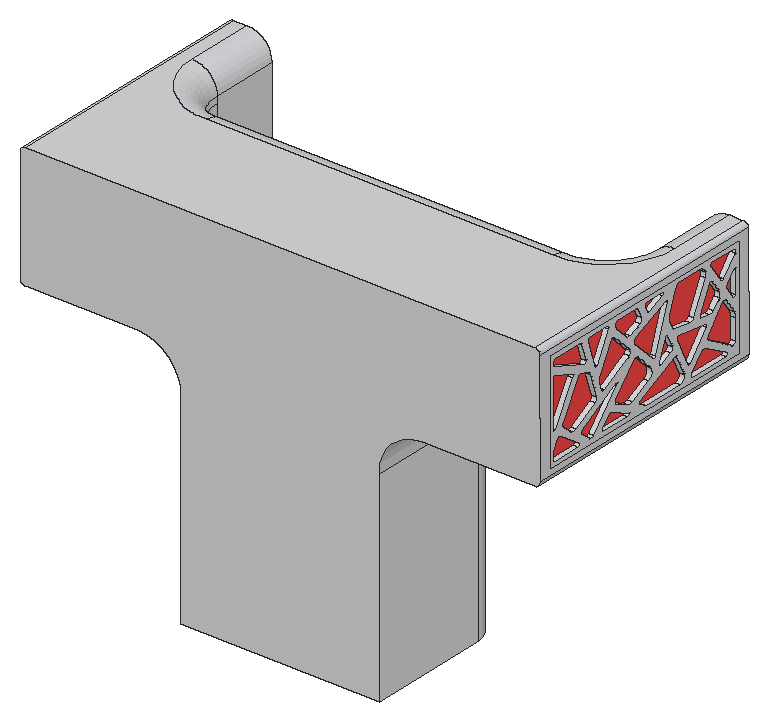
Revit family "Accessory-Robe_Hook-KOHLER-STRAYT-K-37346X_1", category Specialty Equipment, host Face, Revit 2017
Family settings
  Host = Face
  Round Connector Dimension = Use Diameter
  Part Type = Normal
  OmniClass Number = 23.40.20.21.31
  OmniClass Title = Robe Hooks
  Cut with Voids When Loaded = No
  Shared = No
  Room Calculation Point = No
Parameters (values of type "CP-Polished Chrome")
  Width = 3 79/256"  # constant formula
  WaterSense Certified = 1 = 0  # no
  URL = "https://www.kohler.co.th/"
  Type = 1
  Product Page URL = "https://www.kohler.co.th/productDetails/37346X?skuid=37346X-CP"
  Product Name = "STRAYT"  # constant formula
  Product Documentation Link = ""
  Model = "K-37346X-CP"  # constant formula
  Material = "Premium Metal Costruction "  # constant formula
  Master Format 2014 Name = "Toilet, Bath, and Laundry Accessories"  # constant formula
  Master Format 2014 = "10 28 00"  # constant formula
  Manufacturer Address = "16th Floor, Jasmine City Building 2, Soi Sukhumvit 23, Sukhumvit Road, Khlong Toei Nuea, Watthana, Bangkok 10110"  # constant formula
  Manufacturer = "KOHLER Co."  # constant formula
  Length = 2 93/256"  # constant formula
  Height = 1 167/256"  # constant formula
  Finish = Kohler-Metal-CP-Polished_Chrome
  Environmental Product Declaration = ""
  Description = "Towel Hanger"  # constant formula
  Default Elevation = 42"
  Declare Label = ""
  Date Modified = "08/28/2020"  # constant formula
  Date Created = "08/28/2020"  # constant formula
  Copyright = "Copyright KOHLER Co."  # constant formula
  Contact Us = "https://www.kohler.co.th/contact-us"
  Assembly Code = "C1030200"
  ADA Compliant = 1 = 0  # no
Reference planes (in)
  plane 1 "Center (Front/Back)": y = 0
  plane 2: z = 0
  plane 3 "Center (Left/Right)": x = 0
  plane 4: y = 1.65234
  plane 5: x = -1.65354
  plane 6: x = 1.65505
  plane 7: z = 2.36328
  plane 8: z = 1.5748
  plane 9: y = 0.94488
  plane 10: y = 0.76772
  plane 11: y = 1.21014
  plane 12: x = -1.55512
  plane 13: x = -1.37795
  plane 14: x = -1.1029
  plane 15: x = 1.55512
  plane 16: x = 1.37795
  plane 17: x = 1.1029
  plane 18: x = -1.62487
  plane 19: x = 1.62487
  plane 20: z = 2.18489
  plane 21: z = 1.75197
  plane 22: x = 1.06309
  plane 23: x = -1.06309
  plane 24: x = 0.62992
  plane 25: x = 0.45276
  plane 26: x = -0.62992
  plane 27: x = -0.45276
  plane 28: z = 1.60241
Dimensions and locks (in)
  "Width": plane 5 to plane 6
  "Height": plane 1 "Center (Front/Back)" to plane 4
  "Length": plane 7 to level
  plane 8 to level = 1.5748"
  aligned and locked: plane 2 to host face
  aligned and locked: level to host face
Automatic sketch dimensions
  host sketch curve to host sketch curve = 96"  (x2)
Nested families (in)
  nested 1: "K-37346X" at (0, 0, 0), type "K-37346X"
Definition of nested family "K-37346X"
  Parameters (values of type "K-37346X")
    Red = yes
    Material = none
  Reference planes (in)
    plane 1 "Center (Front/Back)": y = 0
    plane 2: z = 0
    plane 3 "Center (Left/Right)": x = 0
    plane 4: z = 2.18489
    plane 5: z = 1.75212
    plane 6: x = 1.65354
    plane 7: x = -1.65354
    plane 8: z = 2.3622
    plane 9: y = 1.65354
    plane 10: x = -1.37795
    plane 11: x = 1.37795
    plane 12: x = 1.62487
    plane 13: y = 1.21014
    plane 14: y = 0.94488
    plane 15: y = 0.76772
    plane 16: x = -1.1029
    plane 17: x = 1.1029
    plane 18: x = -1.62487
    plane 19: x = -1.55512
    plane 20: y = 0.02598
    plane 21: y = 1.62487
    plane 22: x = 1.06309
    plane 23: x = 0.45276
    plane 24: x = 0.62992
    plane 25: x = 0.90551
    plane 26: x = -0.45276
    plane 27: x = -0.62992
    plane 28: x = -0.90551
    plane 29: z = 1.5748
    plane 30: z = 2.33523
    plane 31: z = 1.60241
  Forms (in)
    Extrusion 1, void
      sketch origin (0, 0, 0) x (1, 0, 0) y (0, 1, 0)
        loop
          arc (1.10236, 0.94488) -> (1.29723, 1.0256) -> (1.37795, 1.22047) r 0.27559
          line (1.37795, 1.22047) -> (1.37795, 1.77517) -> (-1.37795, 1.77517) -> (-1.37795, 1.22047)
          arc (-1.37795, 1.22047) -> (-1.29723, 1.0256) -> (-1.10236, 0.94488) r 0.27559
          line (-1.10236, 0.94488) -> (1.10236, 0.94488)
      from -0.12272 to 2.56602
    Sweep 2, solid, material <- "Material", detail levels medium+fine
      path in 3D
        loop
          line (-0.62992, 0.94488, 0) -> (-0.62992, 0.94488, 1.29921)
          arc (-0.62992, 0.94488, 1.29921) -> (-0.71064, 0.94488, 1.49408) -> (-0.90551, 0.94488, 1.5748) r 0.27559
          line (-0.90551, 0.94488, 1.5748) -> (-1.10236, 0.94488, 1.5748)
          arc (-1.10236, 0.94488, 1.5748) -> (-1.29723, 1.0256, 1.5748) -> (-1.37795, 1.22047, 1.5748) r 0.27559
          line (-1.37795, 1.22047, 1.5748) -> (-1.37795, 1.65354, 1.5748)
      profile origin (-0.62992, 0.94488, 0.64961) x (0, 1, 0) y (-1, 0, 0)
        loop
          arc (0, -0.15748) -> (-0.04612, -0.04612) -> (-0.15748, 0) r 0.15748
          line (-0.15748, 0) -> (-0.19685, 0) -> (-0.19685, -0.19685) -> (0, -0.19685) -> (0, -0.15748)
    Sweep 3, solid, material <- "Material", detail levels medium+fine
      path in 3D
        loop
          line (1.37795, 1.65354, 2.3622) -> (1.37795, 1.22047, 2.3622)
          arc (1.37795, 1.22047, 2.3622) -> (1.29723, 1.0256, 2.3622) -> (1.10236, 0.94488, 2.3622) r 0.27559
          line (1.10236, 0.94488, 2.3622) -> (-1.10236, 0.94488, 2.3622)
          arc (-1.10236, 0.94488, 2.3622) -> (-1.29723, 1.0256, 2.3622) -> (-1.37795, 1.22047, 2.3622) r 0.27559
          line (-1.37795, 1.22047, 2.3622) -> (-1.37795, 1.65354, 2.3622)
      profile origin (1.37795, 1.43701, 2.3622) x (1, 0, 0) y (0, 0, 1)
        loop
          arc (0.15748, 0) -> (0.04612, -0.04612) -> (0, -0.15748) r 0.15748
          line (0, -0.15748) -> (0, -0.19685) -> (0.19685, -0.19685) -> (0.19685, 0) -> (0.15748, 0)
    Sweep 4, solid, material <- "Material", detail levels medium+fine
      path in 3D
        loop
          line (0.62992, 0.94488, 0) -> (0.62992, 0.94488, 1.29921)
          arc (0.62992, 0.94488, 1.29921) -> (0.71064, 0.94488, 1.49408) -> (0.90551, 0.94488, 1.5748) r 0.27559
          line (0.90551, 0.94488, 1.5748) -> (1.10236, 0.94488, 1.5748)
          arc (1.10236, 0.94488, 1.5748) -> (1.29723, 1.0256, 1.5748) -> (1.37795, 1.22047, 1.5748) r 0.27559
          line (1.37795, 1.22047, 1.5748) -> (1.37795, 1.65354, 1.5748)
      profile origin (0.62992, 0.94488, 0.64961) x (0, -1, 0) y (1, 0, 0)
        loop
          line (0, -0.15748) -> (0, -0.19685) -> (0.19685, -0.19685) -> (0.19685, 0) -> (0.15748, 0)
          arc (0.15748, 0) -> (0.04612, -0.04612) -> (0, -0.15748) r 0.15748
    Extrusion 5, solid, material <- "Material", detail levels medium+fine
      sketch origin (0, 0, 0) x (1, 0, 0) y (0, 0, 1)
        loop
          line (1.5748, 2.16535) -> (-1.5748, 2.16535) -> (-1.5748, 2.3622) -> (-1.65354, 2.3622) -> (-1.65354, 1.5748) -> (-1.5748, 1.5748) -> (-1.5748, 1.77165) -> (-0.90551, 1.77165)
          arc (-0.90551, 1.77165) -> (-0.57145, 1.63328) -> (-0.43307, 1.29921) r 0.47244
          line (-0.43307, 1.29921) -> (-0.43307, 0) -> (0.43307, 0) -> (0.43307, 1.29921)
          arc (0.43307, 1.29921) -> (0.57145, 1.63328) -> (0.90551, 1.77165) r 0.47244
          line (0.90551, 1.77165) -> (1.5748, 1.77165) -> (1.5748, 1.5748) -> (1.65354, 1.5748) -> (1.65354, 2.3622) -> (1.5748, 2.3622) -> (1.5748, 2.16535)
      from -1.65354 to 0
    Extrusion 6, solid, material <- "Material", detail levels medium+fine
      sketch origin (0, 0, 0) x (1, 0, 0) y (0, 1, 0)
        loop
          line (1.10236, 0.74803) -> (-0.43307, 0.74803) -> (-1.10236, 0.74803)
          arc (-1.10236, 0.74803) -> (-1.43643, 0.88641) -> (-1.5748, 1.22047) r 0.47244
          line (-1.5748, 1.22047) -> (-1.5748, 0) -> (1.5748, 0) -> (1.5748, 1.22047)
          arc (1.5748, 1.22047) -> (1.43643, 0.88641) -> (1.10236, 0.74803) r 0.47244
      from 0 to 2.3622
    Extrusion 7, void
      sketch origin (0, 0, 0) x (1, 0, 0) y (0, 0, 1)
        loop
          arc (0.90551, 1.5748) -> (0.71064, 1.49408) -> (0.62992, 1.29921) r 0.27559
          line (0.62992, 1.29921) -> (0.62992, -0.25818) -> (1.65354, -0.25818) -> (1.65354, 1.5748) -> (0.90551, 1.5748)
        loop
          arc (-0.62992, 1.29921) -> (-0.71064, 1.49408) -> (-0.90551, 1.5748) r 0.27559
          line (-0.90551, 1.5748) -> (-1.65354, 1.5748) -> (-1.65354, -0.25818) -> (-0.62992, -0.25818) -> (-0.62992, 1.29921)
      from -1.87388 to 0.32766
    Sweep 8, void
      path in 3D
        loop
          line (1.65354, 0, 1.5748) -> (1.65354, 1.65354, 1.5748)
      profile origin (1.65354, 0.82677, 1.5748) x (1, 0, 0) y (0, 0, -1)
        loop
          arc (-0.03322, 0) -> (-0.00973, -0.00973) -> (0, -0.03322) r 0.03322
          line (0, -0.03322) -> (0, -0.06461) -> (0.03155, -0.06461) -> (0.03155, 0.03175) -> (-0.06531, 0.03175) -> (-0.06531, 0) -> (-0.03322, 0)
        loop
          line (-0.03322, -0.7874) -> (-0.06531, -0.7874) -> (-0.06531, -0.81915) -> (0.03155, -0.81915) -> (0.03155, -0.72279) -> (0, -0.72279) -> (0, -0.75418)
          arc (0, -0.75418) -> (-0.00973, -0.77767) -> (-0.03322, -0.7874) r 0.03322
        loop
          arc (-3.27386, -0.7874) -> (-3.29736, -0.77767) -> (-3.30709, -0.75418) r 0.03322
          line (-3.30709, -0.75418) -> (-3.30709, -0.72279) -> (-3.33863, -0.72279) -> (-3.33863, -0.81915) -> (-3.24177, -0.81915) -> (-3.24177, -0.7874) -> (-3.27386, -0.7874)
        loop
          line (-3.27386, 0) -> (-3.24177, 0) -> (-3.24177, 0.03175) -> (-3.33863, 0.03175) -> (-3.33863, -0.06461) -> (-3.30709, -0.06461) -> (-3.30709, -0.03322)
          arc (-3.30709, -0.03322) -> (-3.29736, -0.00973) -> (-3.27386, 0) r 0.03322
    Extrusion 9, void
      sketch origin (0, 0, 0) x (0, 1, 0) y (0, 0, 1)
        loop
          line (1.58654, 2.29237) -> (0.07746, 2.29237) -> (0.07746, 1.64268) -> (1.58654, 1.64268) -> (1.58654, 2.29237)
      from 1.5748 to 1.74558
    Extrusion 10, void
      sketch origin (0, 0, 0) x (0, 1, 0) y (0, 0, -1)
        loop
          line (1.58654, -2.29237) -> (1.58654, -1.64268) -> (0.07746, -1.64268) -> (0.07746, -2.29237) -> (1.58654, -2.29237)
      from 1.5748 to 1.74558
    Extrusion 11, solid, material <- "Material", detail levels medium+fine
      sketch origin (0, 0, 0) x (0, 1, 0) y (0, 0, 1)
        loop
          line (0.07746, 2.29237) -> (0.07746, 1.64268) -> (1.58654, 1.64268) -> (1.58654, 2.29237) -> (0.07746, 2.29237)
        loop
          arc (0.75212, 2.10087) -> (0.74072, 2.08672) -> (0.74585, 2.06929) r 0.01959
          line (0.74585, 2.06929) -> (0.89311, 1.91688)
          arc (0.89311, 1.91688) -> (0.90847, 1.91226) -> (0.92043, 1.92296) r 0.01641
          line (0.92043, 1.92296) -> (1.01169, 2.18942)
          arc (1.01169, 2.18942) -> (1.00811, 2.20356) -> (0.99372, 2.20599) r 0.01335
          line (0.99372, 2.20599) -> (0.75212, 2.10087)
        loop
          line (0.97083, 2.26378) -> (0.84576, 2.26378)
          arc (0.84576, 2.26378) -> (0.83162, 2.25615) -> (0.83024, 2.24014) r 0.01692
          line (0.83024, 2.24014) -> (0.84498, 2.20606)
          arc (0.84498, 2.20606) -> (0.85599, 2.1954) -> (0.87132, 2.19567) r 0.02
          line (0.87132, 2.19567) -> (0.97557, 2.24102)
          arc (0.97557, 2.24102) -> (0.98245, 2.25433) -> (0.97083, 2.26378) r 0.01187
        loop
          line (0.75725, 2.26378) -> (0.6183, 2.26378)
          arc (0.6183, 2.26378) -> (0.59472, 2.24817) -> (0.59988, 2.22036) r 0.02562
          line (0.59988, 2.22036) -> (0.68117, 2.13622)
          arc (0.68117, 2.13622) -> (0.69841, 2.12683) -> (0.71792, 2.12892) r 0.03286
          line (0.71792, 2.12892) -> (0.79625, 2.163)
          arc (0.79625, 2.163) -> (0.8082, 2.17537) -> (0.80792, 2.19257) r 0.0225
          line (0.80792, 2.19257) -> (0.785, 2.24555)
          arc (0.785, 2.24555) -> (0.77385, 2.25882) -> (0.75725, 2.26378) r 0.03023
        loop
          line (0.55695, 2.17493) -> (0.46983, 2.01158)
          arc (0.46983, 2.01158) -> (0.46396, 1.99162) -> (0.46649, 1.97097) r 0.05134
          line (0.46649, 1.97097) -> (0.48384, 1.91968)
          arc (0.48384, 1.91968) -> (0.49549, 1.90753) -> (0.51228, 1.9087) r 0.01985
          line (0.51228, 1.9087) -> (0.70863, 2.01783)
          arc (0.70863, 2.01783) -> (0.71789, 2.03121) -> (0.71293, 2.0467) r 0.0184
          line (0.71293, 2.0467) -> (0.5852, 2.17889)
          arc (0.5852, 2.17889) -> (0.57007, 2.18411) -> (0.55695, 2.17493) r 0.01765
        loop
          line (0.45054, 1.89527) -> (0.39969, 2.04561)
          arc (0.39969, 2.04561) -> (0.39105, 2.05985) -> (0.3772, 2.06909) r 0.03836
          line (0.3772, 2.06909) -> (0.32844, 2.08797)
          arc (0.32844, 2.08797) -> (0.31192, 2.08827) -> (0.29913, 2.07781) r 0.02398
          line (0.29913, 2.07781) -> (0.1756, 1.86884)
          arc (0.1756, 1.86884) -> (0.17278, 1.8517) -> (0.18228, 1.83715) r 0.02397
          line (0.18228, 1.83715) -> (0.25428, 1.78559)
          arc (0.25428, 1.78559) -> (0.27056, 1.77984) -> (0.28739, 1.7837) r 0.03099
          line (0.28739, 1.7837) -> (0.4403, 1.86875)
          arc (0.4403, 1.86875) -> (0.45022, 1.88016) -> (0.45054, 1.89527) r 0.0222
        loop
          line (0.37488, 2.24182) -> (0.43227, 2.07216)
          arc (0.43227, 2.07216) -> (0.44399, 2.063) -> (0.45704, 2.07013) r 0.01354
          line (0.45704, 2.07013) -> (0.54725, 2.23928)
          arc (0.54725, 2.23928) -> (0.54684, 2.25569) -> (0.53255, 2.26378) r 0.01666
          line (0.53255, 2.26378) -> (0.39064, 2.26378)
          arc (0.39064, 2.26378) -> (0.37712, 2.25684) -> (0.37488, 2.24182) r 0.01663
        loop
          line (0.59644, 1.91043) -> (0.3288, 1.76167)
          arc (0.3288, 1.76167) -> (0.3202, 1.74797) -> (0.32718, 1.73339) r 0.01676
          line (0.32718, 1.73339) -> (0.39768, 1.68289)
          arc (0.39768, 1.68289) -> (0.41382, 1.6787) -> (0.42861, 1.68641) r 0.02322
          line (0.42861, 1.68641) -> (0.61065, 1.89277)
          arc (0.61065, 1.89277) -> (0.61098, 1.90759) -> (0.59644, 1.91043) r 0.0115
        loop
          line (0.31231, 1.69561) -> (0.16175, 1.80343)
          arc (0.16175, 1.80343) -> (0.14626, 1.80668) -> (0.1334, 1.79745) r 0.01965
          line (0.1334, 1.79745) -> (0.09843, 1.73829) -> (0.09843, 1.6944)
          arc (0.09843, 1.6944) -> (0.10463, 1.67943) -> (0.1196, 1.67323) r 0.02118
          line (0.1196, 1.67323) -> (0.30513, 1.67323)
          arc (0.30513, 1.67323) -> (0.31688, 1.6818) -> (0.31231, 1.69561) r 0.01234
        loop
          line (0.12182, 1.85523) -> (0.26108, 2.09081)
          arc (0.26108, 2.09081) -> (0.26264, 2.1064) -> (0.25177, 2.11767) r 0.01864
          line (0.25177, 2.11767) -> (0.12053, 2.1685)
          arc (0.12053, 2.1685) -> (0.10549, 2.16675) -> (0.09843, 2.15335) r 0.01624
          line (0.09843, 2.15335) -> (0.09843, 1.86163)
          arc (0.09843, 1.86163) -> (0.10768, 1.8495) -> (0.12182, 1.85523) r 0.01257
        loop
          line (0.11372, 2.21335) -> (0.34963, 2.12199)
          arc (0.34963, 2.12199) -> (0.36435, 2.12493) -> (0.36793, 2.13951) r 0.01398
          line (0.36793, 2.13951) -> (0.3323, 2.24484)
          arc (0.3323, 2.24484) -> (0.32214, 2.25855) -> (0.3059, 2.26378) r 0.02787
          line (0.3059, 2.26378) -> (0.12314, 2.26378)
          arc (0.12314, 2.26378) -> (0.09749, 2.24248) -> (0.11372, 2.21335) r 0.02609
        loop
          line (0.74362, 1.98399) -> (0.59559, 1.81619)
          arc (0.59559, 1.81619) -> (0.59132, 1.79999) -> (0.60175, 1.78688) r 0.01869
          line (0.60175, 1.78688) -> (0.69763, 1.7424)
          arc (0.69763, 1.7424) -> (0.71642, 1.73832) -> (0.73516, 1.74263) r 0.04404
          line (0.73516, 1.74263) -> (0.86651, 1.80546)
          arc (0.86651, 1.80546) -> (0.89051, 1.83694) -> (0.879, 1.87481) r 0.04343
          line (0.879, 1.87481) -> (0.77288, 1.98466)
          arc (0.77288, 1.98466) -> (0.7581, 1.99073) -> (0.74362, 1.98399) r 0.01992
        loop
          line (0.70435, 1.69589) -> (0.5697, 1.75834)
          arc (0.5697, 1.75834) -> (0.5532, 1.76023) -> (0.53886, 1.75187) r 0.02634
          line (0.53886, 1.75187) -> (0.48956, 1.69599)
          arc (0.48956, 1.69599) -> (0.48735, 1.68129) -> (0.49983, 1.67323) r 0.0137
          line (0.49983, 1.67323) -> (0.69935, 1.67323)
          arc (0.69935, 1.67323) -> (0.71095, 1.68255) -> (0.70435, 1.69589) r 0.01188
        loop
          line (1.05942, 1.8541) -> (0.79068, 1.72554)
          arc (0.79068, 1.72554) -> (0.78239, 1.71231) -> (0.79084, 1.69917) r 0.01458
          line (0.79084, 1.69917) -> (0.84677, 1.67323) -> (1.11601, 1.67323)
          arc (1.11601, 1.67323) -> (1.14348, 1.68832) -> (1.14546, 1.7196) r 0.03254
          line (1.14546, 1.7196) -> (1.08686, 1.84431)
          arc (1.08686, 1.84431) -> (1.07518, 1.85492) -> (1.05942, 1.8541) r 0.02053
        loop
          line (1.08295, 1.94522) -> (1.17072, 1.75842)
          arc (1.17072, 1.75842) -> (1.183, 1.74954) -> (1.19705, 1.75523) r 0.01565
          line (1.19705, 1.75523) -> (1.32297, 1.91078)
          arc (1.32297, 1.91078) -> (1.3253, 1.92585) -> (1.31334, 1.93533) r 0.01516
          line (1.31334, 1.93533) -> (1.09847, 1.96619)
          arc (1.09847, 1.96619) -> (1.08445, 1.96034) -> (1.08295, 1.94522) r 0.01482
        loop
          line (1.05113, 1.92036) -> (1.01468, 1.99793)
          arc (1.01468, 1.99793) -> (1.00043, 2.00644) -> (0.9872, 1.99642) r 0.01484
          line (0.9872, 1.99642) -> (0.94464, 1.87214)
          arc (0.94464, 1.87214) -> (0.94901, 1.85549) -> (0.96605, 1.85308) r 0.01555
          line (0.96605, 1.85308) -> (1.03969, 1.88831)
          arc (1.03969, 1.88831) -> (1.05202, 1.90198) -> (1.05113, 1.92036) r 0.02415
        loop
          line (1.02612, 2.06615) -> (1.04263, 2.03103)
          arc (1.04263, 2.03103) -> (1.05425, 2.01685) -> (1.0712, 2.00988) r 0.03746
          line (1.0712, 2.00988) -> (1.19371, 1.99228)
          arc (1.19371, 1.99228) -> (1.21153, 1.99539) -> (1.22408, 2.00841) r 0.02916
          line (1.22408, 2.00841) -> (1.31456, 2.19473)
          arc (1.31456, 2.19473) -> (1.3178, 2.21204) -> (1.31177, 2.22857) r 0.03333
          line (1.31177, 2.22857) -> (1.28679, 2.26378) -> (1.10157, 2.26378)
          arc (1.10157, 2.26378) -> (1.08302, 2.25783) -> (1.07138, 2.24221) r 0.0319
          line (1.07138, 2.24221) -> (1.02405, 2.10402)
          arc (1.02405, 2.10402) -> (1.0214, 2.08488) -> (1.02612, 2.06615) r 0.05053
        loop
          line (1.21109, 1.67323) -> (1.48151, 1.67323)
          arc (1.48151, 1.67323) -> (1.49287, 1.68192) -> (1.48744, 1.69515) r 0.01176
          line (1.48744, 1.69515) -> (1.31253, 1.79714)
          arc (1.31253, 1.79714) -> (1.29316, 1.80053) -> (1.27625, 1.79049) r 0.02833
          line (1.27625, 1.79049) -> (1.20005, 1.69637)
          arc (1.20005, 1.69637) -> (1.19827, 1.68132) -> (1.21109, 1.67323) r 0.0142
        loop
          line (1.44646, 2.00075) -> (1.33062, 1.85766)
          arc (1.33062, 1.85766) -> (1.32667, 1.84219) -> (1.33585, 1.82912) r 0.01911
          line (1.33585, 1.82912) -> (1.53178, 1.71486)
          arc (1.53178, 1.71486) -> (1.54733, 1.71481) -> (1.55512, 1.72827) r 0.01552
          line (1.55512, 1.72827) -> (1.55512, 1.86324)
          arc (1.55512, 1.86324) -> (1.55183, 1.88442) -> (1.54226, 1.9036) r 0.06976
          line (1.54226, 1.9036) -> (1.47398, 1.99987)
          arc (1.47398, 1.99987) -> (1.46043, 2.00715) -> (1.44646, 2.00075) r 0.01728
        loop
          line (1.48209, 2.05649) -> (1.53143, 1.98692)
          arc (1.53143, 1.98692) -> (1.54603, 1.98204) -> (1.55512, 1.99447) r 0.01305
          line (1.55512, 1.99447) -> (1.55512, 2.13929)
          arc (1.55512, 2.13929) -> (1.54638, 2.15169) -> (1.53175, 2.14764) r 0.01318
          line (1.53175, 2.14764) -> (1.48319, 2.08836)
          arc (1.48319, 2.08836) -> (1.47726, 2.07261) -> (1.48209, 2.05649) r 0.02629
        loop
          line (1.46202, 2.12464) -> (1.55065, 2.23283)
          arc (1.55065, 2.23283) -> (1.55312, 2.25294) -> (1.536, 2.26378) r 0.01894
          line (1.536, 2.26378) -> (1.36542, 2.26378)
          arc (1.36542, 2.26378) -> (1.35148, 2.25529) -> (1.35262, 2.23902) r 0.01569
          line (1.35262, 2.23902) -> (1.43303, 2.12565)
          arc (1.43303, 2.12565) -> (1.44728, 2.11797) -> (1.46202, 2.12464) r 0.01824
        loop
          line (1.33724, 2.15131) -> (1.26666, 2.00595)
          arc (1.26666, 2.00595) -> (1.26696, 1.98936) -> (1.28053, 1.97981) r 0.01832
          line (1.28053, 1.97981) -> (1.35087, 1.96971)
          arc (1.35087, 1.96971) -> (1.36688, 1.97157) -> (1.37989, 1.98109) r 0.03157
          line (1.37989, 1.98109) -> (1.42348, 2.03494)
          arc (1.42348, 2.03494) -> (1.42984, 2.05204) -> (1.42458, 2.06951) r 0.02863
          line (1.42458, 2.06951) -> (1.36494, 2.1536)
          arc (1.36494, 2.1536) -> (1.35044, 2.16035) -> (1.33724, 2.15131) r 0.01615
      from 1.61024 to 1.65354
    Extrusion 12, solid, material <- "Material", detail levels medium+fine
      sketch origin (0, 0, 0) x (0, 1, 0) y (0, 0, -1)
        loop
          line (0.07746, -2.29237) -> (1.58654, -2.29237) -> (1.58654, -1.64268) -> (0.07746, -1.64268) -> (0.07746, -2.29237)
        loop
          line (0.75212, -2.10087) -> (0.99372, -2.20599)
          arc (0.99372, -2.20599) -> (1.00811, -2.20356) -> (1.01169, -2.18942) r 0.01335
          line (1.01169, -2.18942) -> (0.92043, -1.92296)
          arc (0.92043, -1.92296) -> (0.90847, -1.91226) -> (0.89311, -1.91688) r 0.01641
          line (0.89311, -1.91688) -> (0.74585, -2.06929)
          arc (0.74585, -2.06929) -> (0.74072, -2.08672) -> (0.75212, -2.10087) r 0.01959
        loop
          arc (0.97083, -2.26378) -> (0.98245, -2.25433) -> (0.97557, -2.24102) r 0.01187
          line (0.97557, -2.24102) -> (0.87132, -2.19567)
          arc (0.87132, -2.19567) -> (0.85599, -2.1954) -> (0.84498, -2.20606) r 0.02
          line (0.84498, -2.20606) -> (0.83024, -2.24014)
          arc (0.83024, -2.24014) -> (0.83162, -2.25615) -> (0.84576, -2.26378) r 0.01692
          line (0.84576, -2.26378) -> (0.97083, -2.26378)
        loop
          arc (0.75725, -2.26378) -> (0.77385, -2.25882) -> (0.785, -2.24555) r 0.03023
          line (0.785, -2.24555) -> (0.80792, -2.19257)
          arc (0.80792, -2.19257) -> (0.8082, -2.17537) -> (0.79625, -2.163) r 0.0225
          line (0.79625, -2.163) -> (0.71792, -2.12892)
          arc (0.71792, -2.12892) -> (0.69841, -2.12683) -> (0.68117, -2.13622) r 0.03286
          line (0.68117, -2.13622) -> (0.59988, -2.22036)
          arc (0.59988, -2.22036) -> (0.59472, -2.24817) -> (0.6183, -2.26378) r 0.02562
          line (0.6183, -2.26378) -> (0.75725, -2.26378)
        loop
          arc (0.55695, -2.17493) -> (0.57007, -2.18411) -> (0.5852, -2.17889) r 0.01765
          line (0.5852, -2.17889) -> (0.71293, -2.0467)
          arc (0.71293, -2.0467) -> (0.71789, -2.03121) -> (0.70863, -2.01783) r 0.0184
          line (0.70863, -2.01783) -> (0.51228, -1.9087)
          arc (0.51228, -1.9087) -> (0.49549, -1.90753) -> (0.48384, -1.91968) r 0.01985
          line (0.48384, -1.91968) -> (0.46649, -1.97097)
          arc (0.46649, -1.97097) -> (0.46396, -1.99162) -> (0.46983, -2.01158) r 0.05134
          line (0.46983, -2.01158) -> (0.55695, -2.17493)
        loop
          arc (0.45054, -1.89527) -> (0.45022, -1.88016) -> (0.4403, -1.86875) r 0.0222
          line (0.4403, -1.86875) -> (0.28739, -1.7837)
          arc (0.28739, -1.7837) -> (0.27056, -1.77984) -> (0.25428, -1.78559) r 0.03099
          line (0.25428, -1.78559) -> (0.18228, -1.83715)
          arc (0.18228, -1.83715) -> (0.17278, -1.8517) -> (0.1756, -1.86884) r 0.02397
          line (0.1756, -1.86884) -> (0.29913, -2.07781)
          arc (0.29913, -2.07781) -> (0.31192, -2.08827) -> (0.32844, -2.08797) r 0.02398
          line (0.32844, -2.08797) -> (0.3772, -2.06909)
          arc (0.3772, -2.06909) -> (0.39105, -2.05985) -> (0.39969, -2.04561) r 0.03836
          line (0.39969, -2.04561) -> (0.45054, -1.89527)
        loop
          arc (0.37488, -2.24182) -> (0.37712, -2.25684) -> (0.39064, -2.26378) r 0.01663
          line (0.39064, -2.26378) -> (0.53255, -2.26378)
          arc (0.53255, -2.26378) -> (0.54684, -2.25569) -> (0.54725, -2.23928) r 0.01666
          line (0.54725, -2.23928) -> (0.45704, -2.07013)
          arc (0.45704, -2.07013) -> (0.44399, -2.063) -> (0.43227, -2.07216) r 0.01354
          line (0.43227, -2.07216) -> (0.37488, -2.24182)
        loop
          arc (0.59644, -1.91043) -> (0.61098, -1.90759) -> (0.61065, -1.89277) r 0.0115
          line (0.61065, -1.89277) -> (0.42861, -1.68641)
          arc (0.42861, -1.68641) -> (0.41382, -1.6787) -> (0.39768, -1.68289) r 0.02322
          line (0.39768, -1.68289) -> (0.32718, -1.73339)
          arc (0.32718, -1.73339) -> (0.3202, -1.74797) -> (0.3288, -1.76167) r 0.01676
          line (0.3288, -1.76167) -> (0.59644, -1.91043)
        loop
          arc (0.31231, -1.69561) -> (0.31688, -1.6818) -> (0.30513, -1.67323) r 0.01234
          line (0.30513, -1.67323) -> (0.1196, -1.67323)
          arc (0.1196, -1.67323) -> (0.10463, -1.67943) -> (0.09843, -1.6944) r 0.02118
          line (0.09843, -1.6944) -> (0.09843, -1.73829) -> (0.1334, -1.79745)
          arc (0.1334, -1.79745) -> (0.14626, -1.80668) -> (0.16175, -1.80343) r 0.01965
          line (0.16175, -1.80343) -> (0.31231, -1.69561)
        loop
          arc (0.12182, -1.85523) -> (0.10768, -1.8495) -> (0.09843, -1.86163) r 0.01257
          line (0.09843, -1.86163) -> (0.09843, -2.15335)
          arc (0.09843, -2.15335) -> (0.10549, -2.16675) -> (0.12053, -2.1685) r 0.01624
          line (0.12053, -2.1685) -> (0.25177, -2.11767)
          arc (0.25177, -2.11767) -> (0.26264, -2.1064) -> (0.26108, -2.09081) r 0.01864
          line (0.26108, -2.09081) -> (0.12182, -1.85523)
        loop
          arc (0.11372, -2.21335) -> (0.09749, -2.24248) -> (0.12314, -2.26378) r 0.02609
          line (0.12314, -2.26378) -> (0.3059, -2.26378)
          arc (0.3059, -2.26378) -> (0.32214, -2.25855) -> (0.3323, -2.24484) r 0.02787
          line (0.3323, -2.24484) -> (0.36793, -2.13951)
          arc (0.36793, -2.13951) -> (0.36435, -2.12493) -> (0.34963, -2.12199) r 0.01398
          line (0.34963, -2.12199) -> (0.11372, -2.21335)
        loop
          arc (0.74362, -1.98399) -> (0.7581, -1.99073) -> (0.77288, -1.98466) r 0.01992
          line (0.77288, -1.98466) -> (0.879, -1.87481)
          arc (0.879, -1.87481) -> (0.89051, -1.83694) -> (0.86651, -1.80546) r 0.04343
          line (0.86651, -1.80546) -> (0.73516, -1.74263)
          arc (0.73516, -1.74263) -> (0.71642, -1.73832) -> (0.69763, -1.7424) r 0.04404
          line (0.69763, -1.7424) -> (0.60175, -1.78688)
          arc (0.60175, -1.78688) -> (0.59132, -1.79999) -> (0.59559, -1.81619) r 0.01869
          line (0.59559, -1.81619) -> (0.74362, -1.98399)
        loop
          arc (0.70435, -1.69589) -> (0.71095, -1.68255) -> (0.69935, -1.67323) r 0.01188
          line (0.69935, -1.67323) -> (0.49983, -1.67323)
          arc (0.49983, -1.67323) -> (0.48735, -1.68129) -> (0.48956, -1.69599) r 0.0137
          line (0.48956, -1.69599) -> (0.53886, -1.75187)
          arc (0.53886, -1.75187) -> (0.5532, -1.76023) -> (0.5697, -1.75834) r 0.02634
          line (0.5697, -1.75834) -> (0.70435, -1.69589)
        loop
          arc (1.05942, -1.8541) -> (1.07518, -1.85492) -> (1.08686, -1.84431) r 0.02053
          line (1.08686, -1.84431) -> (1.14546, -1.7196)
          arc (1.14546, -1.7196) -> (1.14348, -1.68832) -> (1.11601, -1.67323) r 0.03254
          line (1.11601, -1.67323) -> (0.84677, -1.67323) -> (0.79084, -1.69917)
          arc (0.79084, -1.69917) -> (0.78239, -1.71231) -> (0.79068, -1.72554) r 0.01458
          line (0.79068, -1.72554) -> (1.05942, -1.8541)
        loop
          arc (1.08295, -1.94522) -> (1.08445, -1.96034) -> (1.09847, -1.96619) r 0.01482
          line (1.09847, -1.96619) -> (1.31334, -1.93533)
          arc (1.31334, -1.93533) -> (1.3253, -1.92585) -> (1.32297, -1.91078) r 0.01516
          line (1.32297, -1.91078) -> (1.19705, -1.75523)
          arc (1.19705, -1.75523) -> (1.183, -1.74954) -> (1.17072, -1.75842) r 0.01565
          line (1.17072, -1.75842) -> (1.08295, -1.94522)
        loop
          arc (1.05113, -1.92036) -> (1.05202, -1.90198) -> (1.03969, -1.88831) r 0.02415
          line (1.03969, -1.88831) -> (0.96605, -1.85308)
          arc (0.96605, -1.85308) -> (0.94901, -1.85549) -> (0.94464, -1.87214) r 0.01555
          line (0.94464, -1.87214) -> (0.9872, -1.99642)
          arc (0.9872, -1.99642) -> (1.00043, -2.00644) -> (1.01468, -1.99793) r 0.01484
          line (1.01468, -1.99793) -> (1.05113, -1.92036)
        loop
          arc (1.02612, -2.06615) -> (1.0214, -2.08488) -> (1.02405, -2.10402) r 0.05053
          line (1.02405, -2.10402) -> (1.07138, -2.24221)
          arc (1.07138, -2.24221) -> (1.08302, -2.25783) -> (1.10157, -2.26378) r 0.0319
          line (1.10157, -2.26378) -> (1.28679, -2.26378) -> (1.31177, -2.22857)
          arc (1.31177, -2.22857) -> (1.3178, -2.21204) -> (1.31456, -2.19473) r 0.03333
          line (1.31456, -2.19473) -> (1.22408, -2.00841)
          arc (1.22408, -2.00841) -> (1.21153, -1.99539) -> (1.19371, -1.99228) r 0.02916
          line (1.19371, -1.99228) -> (1.0712, -2.00988)
          arc (1.0712, -2.00988) -> (1.05425, -2.01685) -> (1.04263, -2.03103) r 0.03746
          line (1.04263, -2.03103) -> (1.02612, -2.06615)
        loop
          arc (1.21109, -1.67323) -> (1.19827, -1.68132) -> (1.20005, -1.69637) r 0.0142
          line (1.20005, -1.69637) -> (1.27625, -1.79049)
          arc (1.27625, -1.79049) -> (1.29316, -1.80053) -> (1.31253, -1.79714) r 0.02833
          line (1.31253, -1.79714) -> (1.48744, -1.69515)
          arc (1.48744, -1.69515) -> (1.49287, -1.68192) -> (1.48151, -1.67323) r 0.01176
          line (1.48151, -1.67323) -> (1.21109, -1.67323)
        loop
          arc (1.44646, -2.00075) -> (1.46043, -2.00715) -> (1.47398, -1.99987) r 0.01728
          line (1.47398, -1.99987) -> (1.54226, -1.9036)
          arc (1.54226, -1.9036) -> (1.55183, -1.88442) -> (1.55512, -1.86324) r 0.06976
          line (1.55512, -1.86324) -> (1.55512, -1.72827)
          arc (1.55512, -1.72827) -> (1.54733, -1.71481) -> (1.53178, -1.71486) r 0.01552
          line (1.53178, -1.71486) -> (1.33585, -1.82912)
          arc (1.33585, -1.82912) -> (1.32667, -1.84219) -> (1.33062, -1.85766) r 0.01911
          line (1.33062, -1.85766) -> (1.44646, -2.00075)
        loop
          arc (1.48209, -2.05649) -> (1.47726, -2.07261) -> (1.48319, -2.08836) r 0.02629
          line (1.48319, -2.08836) -> (1.53175, -2.14764)
          arc (1.53175, -2.14764) -> (1.54638, -2.15169) -> (1.55512, -2.13929) r 0.01318
          line (1.55512, -2.13929) -> (1.55512, -1.99447)
          arc (1.55512, -1.99447) -> (1.54603, -1.98204) -> (1.53143, -1.98692) r 0.01305
          line (1.53143, -1.98692) -> (1.48209, -2.05649)
        loop
          arc (1.46202, -2.12464) -> (1.44728, -2.11797) -> (1.43303, -2.12565) r 0.01824
          line (1.43303, -2.12565) -> (1.35262, -2.23902)
          arc (1.35262, -2.23902) -> (1.35148, -2.25529) -> (1.36542, -2.26378) r 0.01569
          line (1.36542, -2.26378) -> (1.536, -2.26378)
          arc (1.536, -2.26378) -> (1.55312, -2.25294) -> (1.55065, -2.23283) r 0.01894
          line (1.55065, -2.23283) -> (1.46202, -2.12464)
        loop
          arc (1.33724, -2.15131) -> (1.35044, -2.16035) -> (1.36494, -2.1536) r 0.01615
          line (1.36494, -2.1536) -> (1.42458, -2.06951)
          arc (1.42458, -2.06951) -> (1.42984, -2.05204) -> (1.42348, -2.03494) r 0.02863
          line (1.42348, -2.03494) -> (1.37989, -1.98109)
          arc (1.37989, -1.98109) -> (1.36688, -1.97157) -> (1.35087, -1.96971) r 0.03157
          line (1.35087, -1.96971) -> (1.28053, -1.97981)
          arc (1.28053, -1.97981) -> (1.26696, -1.98936) -> (1.26666, -2.00595) r 0.01832
          line (1.26666, -2.00595) -> (1.33724, -2.15131)
      from 1.61024 to 1.65354
    Extrusion 13, solid, material <- "Material", visible <- "Red", detail levels medium+fine
      sketch origin (0, 0, 0) x (1, 0, 0) y (0, 1, 0)
        loop
          line (1.5748, 1.58654) -> (1.5748, 0.07746) -> (1.61417, 0.07746) -> (1.61417, 1.58654) -> (1.5748, 1.58654)
        loop
          line (-1.5748, 1.58654) -> (-1.61417, 1.58654) -> (-1.61417, 0.07746) -> (-1.5748, 0.07746) -> (-1.5748, 1.58654)
      from 1.64268 to 2.29237
    Extrusion 14, solid, material <- "Material", detail levels coarse
      sketch origin (0, 0, 0) x (1, 0, 0) y (0, 0, 1)
        loop
          line (1.65354, 2.3622) -> (-1.65354, 2.3622) -> (-1.65354, 1.5748) -> (-0.90551, 1.5748)
          arc (-0.90551, 1.5748) -> (-0.71064, 1.49408) -> (-0.62992, 1.29921) r 0.27559
          line (-0.62992, 1.29921) -> (-0.62992, 0) -> (0.62992, 0) -> (0.62992, 1.29921)
          arc (0.62992, 1.29921) -> (0.71064, 1.49408) -> (0.90551, 1.5748) r 0.27559
          line (0.90551, 1.5748) -> (1.65354, 1.5748) -> (1.65354, 2.3622)
      from -1.65354 to 0
    Extrusion 15, void
      sketch origin (0, 0, 0) x (1, 0, 0) y (0, 1, 0)
        loop
          line (1.37795, 1.80135) -> (-1.37795, 1.80135) -> (-1.37795, 0.98166) -> (1.37795, 0.98166) -> (1.37795, 1.80135)
      from -0.42089 to 3.28906
  Cuts and joins
    Sweep 8, Extrusion 9, Extrusion 10 cuts Sweep 2
    Sweep 8, Extrusion 9, Extrusion 10 cuts Sweep 3
    Sweep 8, Extrusion 9, Extrusion 10 cuts Sweep 4
    Extrusion 1, Sweep 8, Extrusion 9, Extrusion 10 cuts Extrusion 5
    Extrusion 7, Sweep 8, Extrusion 9, Extrusion 10 cuts Extrusion 6
    joined: Sweep 2, Sweep 3, Sweep 4, Extrusion 5, Extrusion 6
    Extrusion 15 cuts Extrusion 14
  Lines and regions (in)
    Masking region 1
      outline origin (0, 0, 0) x (1, 0, 0) y (0, 1, 0)
        loop
          line (-1.65354, 1.62487) -> (-1.65354, 0.02598)
          arc (-1.65354, 0.02598) -> (-1.64593, 0.00761) -> (-1.62757, 0) r 0.02598
          line (-1.62757, 0) -> (1.62591, 0)
          arc (1.62591, 0) -> (1.64545, 0.00809) -> (1.65354, 0.02764) r 0.02764
          line (1.65354, 0.02764) -> (1.65354, 1.62487)
          arc (1.65354, 1.62487) -> (1.64515, 1.64515) -> (1.62487, 1.65354) r 0.02867
          line (1.62487, 1.65354) -> (1.40376, 1.65354)
          arc (1.40376, 1.65354) -> (1.38551, 1.64598) -> (1.37795, 1.62773) r 0.02581
          line (1.37795, 1.62773) -> (1.37795, 1.21993)
          arc (1.37795, 1.21993) -> (1.29739, 1.02544) -> (1.1029, 0.94488) r 0.27505
          line (1.1029, 0.94488) -> (-1.1029, 0.94488)
          arc (-1.1029, 0.94488) -> (-1.29739, 1.02544) -> (-1.37795, 1.21993) r 0.27505
          line (-1.37795, 1.21993) -> (-1.37795, 1.62773)
          arc (-1.37795, 1.62773) -> (-1.38551, 1.64598) -> (-1.40376, 1.65354) r 0.02581
          line (-1.40376, 1.65354) -> (-1.62487, 1.65354)
          arc (-1.62487, 1.65354) -> (-1.64515, 1.64515) -> (-1.65354, 1.62487) r 0.02867
    Masking region 2
      outline origin (0, 0, 0) x (1, 0, 0) y (0, 0, 1)
        loop
          line (1.62673, 2.3622) -> (-1.62651, 2.3622)
          arc (-1.62651, 2.3622) -> (-1.64563, 2.35429) -> (-1.65354, 2.33517) r 0.02703
          line (-1.65354, 2.33517) -> (-1.65354, 1.60176)
          arc (-1.65354, 1.60176) -> (-1.64565, 1.5827) -> (-1.62658, 1.5748) r 0.02696
          line (-1.62658, 1.5748) -> (-0.90551, 1.5748)
          arc (-0.90551, 1.5748) -> (-0.71064, 1.49408) -> (-0.62992, 1.29921) r 0.27559
          line (-0.62992, 1.29921) -> (-0.62992, 0) -> (0.62992, 0) -> (0.62992, 1.29921)
          arc (0.62992, 1.29921) -> (0.71064, 1.49408) -> (0.90551, 1.5748) r 0.27559
          line (0.90551, 1.5748) -> (1.62623, 1.5748)
          arc (1.62623, 1.5748) -> (1.64554, 1.5828) -> (1.65354, 1.60212) r 0.02731
          line (1.65354, 1.60212) -> (1.65354, 2.33539)
          arc (1.65354, 2.33539) -> (1.64569, 2.35435) -> (1.62673, 2.3622) r 0.02682
    Masking region 3
      outline origin (0, 0, 0) x (0, 1, 0) y (0, 0, 1)
        loop
          line (1.62657, 2.3622) -> (0.02672, 2.3622)
          arc (0.02672, 2.3622) -> (0.00783, 2.35438) -> (0, 2.33548) r 0.02672
          line (0, 2.33548) -> (0, 0) -> (0.94488, 0) -> (0.94488, 1.5748) -> (1.62593, 1.5748)
          arc (1.62593, 1.5748) -> (1.64546, 1.58289) -> (1.65354, 1.60241) r 0.02761
          line (1.65354, 1.60241) -> (1.65354, 2.33523)
          arc (1.65354, 2.33523) -> (1.64564, 2.3543) -> (1.62657, 2.3622) r 0.02697
    sketch lines
      curve 1: line (-0.62992, 0.94488, 0) -> (-0.62992, 0.94488, 1.29921)
      curve 2: arc (-0.62992, 0.94488, 1.29921) -> (-0.71064, 0.94488, 1.49408) -> (-0.90551, 0.94488, 1.5748) r 0.27559
      curve 3: line (-0.90551, 0.94488, 1.5748) -> (-1.10236, 0.94488, 1.5748)
      curve 4: arc (-1.37795, 1.22047, 1.5748) -> (-1.29723, 1.0256, 1.5748) -> (-1.10236, 0.94488, 1.5748) r 0.27559
      curve 5: line (-1.37795, 1.22047, 1.5748) -> (-1.37795, 1.65354, 1.5748)
      curve 6: line (1.37795, 1.65354, 2.3622) -> (1.37795, 1.22047, 2.3622)
      curve 7: arc (1.10236, 0.94488, 2.3622) -> (1.29723, 1.0256, 2.3622) -> (1.37795, 1.22047, 2.3622) r 0.27559
      curve 8: line (1.10236, 0.94488, 2.3622) -> (-1.10236, 0.94488, 2.3622)
      curve 9: arc (-1.37795, 1.22047, 2.3622) -> (-1.29723, 1.0256, 2.3622) -> (-1.10236, 0.94488, 2.3622) r 0.27559
      curve 10: line (-1.37795, 1.22047, 2.3622) -> (-1.37795, 1.65354, 2.3622)
      curve 11: line (0.62992, 0.94488, 0) -> (0.62992, 0.94488, 1.29921)
      curve 12: arc (0.62992, 0.94488, 1.29921) -> (0.71064, 0.94488, 1.49408) -> (0.90551, 0.94488, 1.5748) r 0.27559
      curve 13: line (0.90551, 0.94488, 1.5748) -> (1.10236, 0.94488, 1.5748)
      curve 14: arc (1.37795, 1.22047, 1.5748) -> (1.29723, 1.0256, 1.5748) -> (1.10236, 0.94488, 1.5748) r 0.27559
      curve 15: line (1.37795, 1.22047, 1.5748) -> (1.37795, 1.65354, 1.5748)
      curve 16: line (1.65354, 0, 1.5748) -> (1.65354, 1.65354, 1.5748)
    symbolic lines, detail levels medium+fine
      curve 17: line (1.37795, 0, 2.20472) -> (1.37795, 0, 1.73228)
      curve 18: line (-1.37795, 0, 1.73228) -> (-1.37795, 0, 2.20472)
      curve 19: line (1.37795, 0, 1.75197) -> (0.89876, 0, 1.75197)
      curve 20: line (-0.45276, 0, 0) -> (-0.45276, 0, 1.30626)
      curve 21: line (0.45276, 0, 0) -> (0.45276, 0, 1.30597)
      curve 22: arc (1.37795, 0, 2.20472) -> (1.42408, 0, 2.31608) -> (1.53543, 0, 2.3622) r 0.15748
      curve 23: arc (1.37795, 0, 1.73228) -> (1.42408, 0, 1.62093) -> (1.53543, 0, 1.5748) r 0.15748
      curve 24: arc (-1.37795, 0, 2.20472) -> (-1.42408, 0, 2.31608) -> (-1.53543, 0, 2.3622) r 0.15748
      curve 25: arc (-1.53543, 0, 1.5748) -> (-1.41732, 0, 1.62812) -> (-1.37919, 0, 1.75197) r 0.15748
      curve 26: line (-0.89847, 0, 1.75197) -> (-1.37919, 0, 1.75197)
      curve 27: arc (0.89876, 0, 1.75197) -> (0.58339, 0, 1.62134) -> (0.45276, 0, 1.30597) r 0.446
      curve 28: arc (-0.45276, 0, 1.30626) -> (-0.5833, 0, 1.62142) -> (-0.89847, 0, 1.75197) r 0.44571
      curve 29: line (0, 1.46202, 2.12464) -> (0, 1.55065, 2.23283)
      curve 30: arc (0, 1.55065, 2.23283) -> (0, 1.55312, 2.25294) -> (0, 1.536, 2.26378) r 0.01894
      curve 31: line (0, 1.536, 2.26378) -> (0, 1.36542, 2.26378)
      curve 32: arc (0, 1.36542, 2.26378) -> (0, 1.35148, 2.25529) -> (0, 1.35262, 2.23902) r 0.01569
      curve 33: line (0, 1.35262, 2.23902) -> (0, 1.43303, 2.12565)
      curve 34: arc (0, 1.43303, 2.12565) -> (0, 1.44728, 2.11797) -> (0, 1.46202, 2.12464) r 0.01824
      curve 35: arc (0, 1.48319, 2.08836) -> (0, 1.47726, 2.07261) -> (0, 1.48209, 2.05649) r 0.02629
      curve 36: line (0, 1.48209, 2.05649) -> (0, 1.53143, 1.98692)
      curve 37: arc (0, 1.53143, 1.98692) -> (0, 1.54603, 1.98204) -> (0, 1.55512, 1.99447) r 0.01305
      curve 38: line (0, 1.55512, 1.99447) -> (0, 1.55512, 2.13929)
      curve 39: arc (0, 1.55512, 2.13929) -> (0, 1.54638, 2.15169) -> (0, 1.53175, 2.14764) r 0.01318
      curve 40: line (0, 1.53175, 2.14764) -> (0, 1.48319, 2.08836)
      curve 41: line (0, 1.54226, 1.9036) -> (0, 1.47398, 1.99987)
      curve 42: arc (0, 1.47398, 1.99987) -> (0, 1.46043, 2.00715) -> (0, 1.44646, 2.00075) r 0.01728
      curve 43: line (0, 1.44646, 2.00075) -> (0, 1.33062, 1.85766)
      curve 44: arc (0, 1.33062, 1.85766) -> (0, 1.32667, 1.84219) -> (0, 1.33585, 1.82912) r 0.01911
      curve 45: line (0, 1.33585, 1.82912) -> (0, 1.53178, 1.71486)
      curve 46: arc (0, 1.53178, 1.71486) -> (0, 1.54733, 1.71481) -> (0, 1.55512, 1.72827) r 0.01552
      curve 47: line (0, 1.55512, 1.72827) -> (0, 1.55512, 1.86324)
      curve 48: arc (0, 1.55512, 1.86324) -> (0, 1.55183, 1.88442) -> (0, 1.54226, 1.9036) r 0.06976
      curve 49: line (0, 1.27625, 1.79049) -> (0, 1.20005, 1.69637)
      curve 50: arc (0, 1.20005, 1.69637) -> (0, 1.19827, 1.68132) -> (0, 1.21109, 1.67323) r 0.0142
      curve 51: line (0, 1.21109, 1.67323) -> (0, 1.48151, 1.67323)
      curve 52: arc (0, 1.48151, 1.67323) -> (0, 1.49287, 1.68192) -> (0, 1.48744, 1.69515) r 0.01176
      curve 53: line (0, 1.48744, 1.69515) -> (0, 1.31253, 1.79714)
      curve 54: arc (0, 1.31253, 1.79714) -> (0, 1.29316, 1.80053) -> (0, 1.27625, 1.79049) r 0.02833
      curve 55: line (0, 1.19705, 1.75523) -> (0, 1.32297, 1.91078)
      curve 56: arc (0, 1.32297, 1.91078) -> (0, 1.3253, 1.92585) -> (0, 1.31334, 1.93533) r 0.01516
      curve 57: line (0, 1.31334, 1.93533) -> (0, 1.09847, 1.96619)
      curve 58: arc (0, 1.09847, 1.96619) -> (0, 1.08445, 1.96034) -> (0, 1.08295, 1.94522) r 0.01482
      curve 59: line (0, 1.08295, 1.94522) -> (0, 1.17072, 1.75842)
      curve 60: arc (0, 1.17072, 1.75842) -> (0, 1.183, 1.74954) -> (0, 1.19705, 1.75523) r 0.01565
      curve 61: line (0, 1.28053, 1.97981) -> (0, 1.35087, 1.96971)
      curve 62: arc (0, 1.35087, 1.96971) -> (0, 1.36688, 1.97157) -> (0, 1.37989, 1.98109) r 0.03157
      curve 63: line (0, 1.37989, 1.98109) -> (0, 1.42348, 2.03494)
      curve 64: arc (0, 1.42348, 2.03494) -> (0, 1.42984, 2.05204) -> (0, 1.42458, 2.06951) r 0.02863
      curve 65: line (0, 1.42458, 2.06951) -> (0, 1.36494, 2.1536)
      curve 66: arc (0, 1.36494, 2.1536) -> (0, 1.35044, 2.16035) -> (0, 1.33724, 2.15131) r 0.01615
      curve 67: line (0, 1.33724, 2.15131) -> (0, 1.26666, 2.00595)
      curve 68: arc (0, 1.26666, 2.00595) -> (0, 1.26696, 1.98936) -> (0, 1.28053, 1.97981) r 0.01832
      curve 69: line (0, 1.22408, 2.00841) -> (0, 1.31456, 2.19473)
      curve 70: arc (0, 1.31456, 2.19473) -> (0, 1.3178, 2.21204) -> (0, 1.31177, 2.22857) r 0.03333
      curve 71: line (0, 1.31177, 2.22857) -> (0, 1.28679, 2.26378)
      curve 72: line (0, 1.28679, 2.26378) -> (0, 1.10157, 2.26378)
      curve 73: arc (0, 1.10157, 2.26378) -> (0, 1.08302, 2.25783) -> (0, 1.07138, 2.24221) r 0.0319
      curve 74: line (0, 1.07138, 2.24221) -> (0, 1.02405, 2.10402)
      curve 75: arc (0, 1.02405, 2.10402) -> (0, 1.0214, 2.08488) -> (0, 1.02612, 2.06615) r 0.05053
      curve 76: line (0, 1.02612, 2.06615) -> (0, 1.04263, 2.03103)
      curve 77: arc (0, 1.04263, 2.03103) -> (0, 1.05425, 2.01685) -> (0, 1.0712, 2.00988) r 0.03746
      curve 78: line (0, 1.0712, 2.00988) -> (0, 1.19371, 1.99228)
      curve 79: arc (0, 1.19371, 1.99228) -> (0, 1.21153, 1.99539) -> (0, 1.22408, 2.00841) r 0.02916
      curve 80: line (0, 1.14546, 1.7196) -> (0, 1.08686, 1.84431)
      curve 81: arc (0, 1.08686, 1.84431) -> (0, 1.07518, 1.85492) -> (0, 1.05942, 1.8541) r 0.02053
      curve 82: line (0, 1.05942, 1.8541) -> (0, 0.79068, 1.72554)
      curve 83: arc (0, 0.79068, 1.72554) -> (0, 0.78239, 1.71231) -> (0, 0.79084, 1.69917) r 0.01458
      curve 84: line (0, 0.79084, 1.69917) -> (0, 0.84677, 1.67323)
      curve 85: line (0, 0.84677, 1.67323) -> (0, 1.11601, 1.67323)
      curve 86: arc (0, 1.11601, 1.67323) -> (0, 1.14348, 1.68832) -> (0, 1.14546, 1.7196) r 0.03254
      curve 87: arc (0, 1.03969, 1.88831) -> (0, 1.05202, 1.90198) -> (0, 1.05113, 1.92036) r 0.02415
      curve 88: line (0, 1.05113, 1.92036) -> (0, 1.01468, 1.99793)
      curve 89: arc (0, 1.01468, 1.99793) -> (0, 1.00043, 2.00644) -> (0, 0.9872, 1.99642) r 0.01484
      curve 90: line (0, 0.9872, 1.99642) -> (0, 0.94464, 1.87214)
      curve 91: arc (0, 0.94464, 1.87214) -> (0, 0.94901, 1.85549) -> (0, 0.96605, 1.85308) r 0.01555
      curve 92: line (0, 0.96605, 1.85308) -> (0, 1.03969, 1.88831)
      curve 93: line (0, 0.92043, 1.92296) -> (0, 1.01169, 2.18942)
      curve 94: arc (0, 1.01169, 2.18942) -> (0, 1.00811, 2.20356) -> (0, 0.99372, 2.20599) r 0.01335
      curve 95: line (0, 0.99372, 2.20599) -> (0, 0.75212, 2.10087)
      curve 96: arc (0, 0.75212, 2.10087) -> (0, 0.74072, 2.08672) -> (0, 0.74585, 2.06929) r 0.01959
      curve 97: line (0, 0.74585, 2.06929) -> (0, 0.89311, 1.91688)
      curve 98: arc (0, 0.89311, 1.91688) -> (0, 0.90847, 1.91226) -> (0, 0.92043, 1.92296) r 0.01641
      curve 99: line (0, 0.87132, 2.19567) -> (0, 0.97557, 2.24102)
      curve 100: arc (0, 0.97557, 2.24102) -> (0, 0.98245, 2.25433) -> (0, 0.97083, 2.26378) r 0.01187
      curve 101: line (0, 0.97083, 2.26378) -> (0, 0.84576, 2.26378)
      curve 102: arc (0, 0.84576, 2.26378) -> (0, 0.83162, 2.25615) -> (0, 0.83024, 2.24014) r 0.01692
      curve 103: line (0, 0.83024, 2.24014) -> (0, 0.84498, 2.20606)
      curve 104: arc (0, 0.84498, 2.20606) -> (0, 0.85599, 2.1954) -> (0, 0.87132, 2.19567) r 0.02
      curve 105: line (0, 0.75725, 2.26378) -> (0, 0.6183, 2.26378)
      curve 106: arc (0, 0.6183, 2.26378) -> (0, 0.59472, 2.24817) -> (0, 0.59988, 2.22036) r 0.02562
      curve 107: line (0, 0.59988, 2.22036) -> (0, 0.68117, 2.13622)
      curve 108: arc (0, 0.68117, 2.13622) -> (0, 0.69841, 2.12683) -> (0, 0.71792, 2.12892) r 0.03286
      curve 109: line (0, 0.71792, 2.12892) -> (0, 0.79625, 2.163)
      curve 110: arc (0, 0.79625, 2.163) -> (0, 0.8082, 2.17537) -> (0, 0.80792, 2.19257) r 0.0225
      curve 111: line (0, 0.80792, 2.19257) -> (0, 0.785, 2.24555)
      curve 112: arc (0, 0.785, 2.24555) -> (0, 0.77385, 2.25882) -> (0, 0.75725, 2.26378) r 0.03023
      curve 113: arc (0, 0.77288, 1.98466) -> (0, 0.7581, 1.99073) -> (0, 0.74362, 1.98399) r 0.01992
      curve 114: line (0, 0.74362, 1.98399) -> (0, 0.59559, 1.81619)
      curve 115: arc (0, 0.59559, 1.81619) -> (0, 0.59132, 1.79999) -> (0, 0.60175, 1.78688) r 0.01869
      curve 116: line (0, 0.60175, 1.78688) -> (0, 0.69763, 1.7424)
      curve 117: arc (0, 0.69763, 1.7424) -> (0, 0.71642, 1.73832) -> (0, 0.73516, 1.74263) r 0.04404
      curve 118: line (0, 0.73516, 1.74263) -> (0, 0.86651, 1.80546)
      curve 119: arc (0, 0.86651, 1.80546) -> (0, 0.89051, 1.83694) -> (0, 0.879, 1.87481) r 0.04343
      curve 120: line (0, 0.879, 1.87481) -> (0, 0.77288, 1.98466)
      curve 121: line (0, 0.70435, 1.69589) -> (0, 0.5697, 1.75834)
      curve 122: arc (0, 0.5697, 1.75834) -> (0, 0.5532, 1.76023) -> (0, 0.53886, 1.75187) r 0.02634
      curve 123: line (0, 0.53886, 1.75187) -> (0, 0.48956, 1.69599)
      curve 124: arc (0, 0.48956, 1.69599) -> (0, 0.48735, 1.68129) -> (0, 0.49983, 1.67323) r 0.0137
      curve 125: line (0, 0.49983, 1.67323) -> (0, 0.69935, 1.67323)
      curve 126: arc (0, 0.69935, 1.67323) -> (0, 0.71095, 1.68255) -> (0, 0.70435, 1.69589) r 0.01188
      curve 127: line (0, 0.42861, 1.68641) -> (0, 0.61065, 1.89277)
      curve 128: arc (0, 0.61065, 1.89277) -> (0, 0.61098, 1.90759) -> (0, 0.59644, 1.91043) r 0.0115
      curve 129: line (0, 0.59644, 1.91043) -> (0, 0.3288, 1.76167)
      curve 130: arc (0, 0.3288, 1.76167) -> (0, 0.3202, 1.74797) -> (0, 0.32718, 1.73339) r 0.01676
      curve 131: line (0, 0.32718, 1.73339) -> (0, 0.39768, 1.68289)
      curve 132: arc (0, 0.39768, 1.68289) -> (0, 0.41382, 1.6787) -> (0, 0.42861, 1.68641) r 0.02322
      curve 133: line (0, 0.51228, 1.9087) -> (0, 0.70863, 2.01783)
      curve 134: arc (0, 0.70863, 2.01783) -> (0, 0.71789, 2.03121) -> (0, 0.71293, 2.0467) r 0.0184
      curve 135: line (0, 0.71293, 2.0467) -> (0, 0.5852, 2.17889)
      curve 136: arc (0, 0.5852, 2.17889) -> (0, 0.57007, 2.18411) -> (0, 0.55695, 2.17493) r 0.01765
      curve 137: line (0, 0.55695, 2.17493) -> (0, 0.46983, 2.01158)
      curve 138: arc (0, 0.46983, 2.01158) -> (0, 0.46396, 1.99162) -> (0, 0.46649, 1.97097) r 0.05134
      curve 139: line (0, 0.46649, 1.97097) -> (0, 0.48384, 1.91968)
      curve 140: arc (0, 0.48384, 1.91968) -> (0, 0.49549, 1.90753) -> (0, 0.51228, 1.9087) r 0.01985
      curve 141: line (0, 0.45704, 2.07013) -> (0, 0.54725, 2.23928)
      curve 142: arc (0, 0.54725, 2.23928) -> (0, 0.54684, 2.25569) -> (0, 0.53255, 2.26378) r 0.01666
      curve 143: line (0, 0.53255, 2.26378) -> (0, 0.39064, 2.26378)
      curve 144: arc (0, 0.39064, 2.26378) -> (0, 0.37712, 2.25684) -> (0, 0.37488, 2.24182) r 0.01663
      curve 145: line (0, 0.37488, 2.24182) -> (0, 0.43227, 2.07216)
      curve 146: arc (0, 0.43227, 2.07216) -> (0, 0.44399, 2.063) -> (0, 0.45704, 2.07013) r 0.01354
      curve 147: line (0, 0.11372, 2.21335) -> (0, 0.34963, 2.12199)
      curve 148: arc (0, 0.34963, 2.12199) -> (0, 0.36435, 2.12493) -> (0, 0.36793, 2.13951) r 0.01398
      curve 149: line (0, 0.36793, 2.13951) -> (0, 0.3323, 2.24484)
      curve 150: arc (0, 0.3323, 2.24484) -> (0, 0.32214, 2.25855) -> (0, 0.3059, 2.26378) r 0.02787
      curve 151: line (0, 0.3059, 2.26378) -> (0, 0.12314, 2.26378)
      curve 152: arc (0, 0.12314, 2.26378) -> (0, 0.09749, 2.24248) -> (0, 0.11372, 2.21335) r 0.02609
      curve 153: line (0, 0.45054, 1.89527) -> (0, 0.39969, 2.04561)
      curve 154: arc (0, 0.39969, 2.04561) -> (0, 0.39105, 2.05985) -> (0, 0.3772, 2.06909) r 0.03836
      curve 155: line (0, 0.3772, 2.06909) -> (0, 0.32844, 2.08797)
      curve 156: arc (0, 0.32844, 2.08797) -> (0, 0.31192, 2.08827) -> (0, 0.29913, 2.07781) r 0.02398
      curve 157: line (0, 0.29913, 2.07781) -> (0, 0.1756, 1.86884)
      curve 158: arc (0, 0.1756, 1.86884) -> (0, 0.17278, 1.8517) -> (0, 0.18228, 1.83715) r 0.02397
      curve 159: line (0, 0.18228, 1.83715) -> (0, 0.25428, 1.78559)
      curve 160: arc (0, 0.25428, 1.78559) -> (0, 0.27056, 1.77984) -> (0, 0.28739, 1.7837) r 0.03099
      curve 161: line (0, 0.28739, 1.7837) -> (0, 0.4403, 1.86875)
      curve 162: arc (0, 0.4403, 1.86875) -> (0, 0.45022, 1.88016) -> (0, 0.45054, 1.89527) r 0.0222
      curve 163: line (0, 0.1196, 1.67323) -> (0, 0.30513, 1.67323)
      curve 164: arc (0, 0.30513, 1.67323) -> (0, 0.31688, 1.6818) -> (0, 0.31231, 1.69561) r 0.01234
      curve 165: line (0, 0.31231, 1.69561) -> (0, 0.16175, 1.80343)
      curve 166: arc (0, 0.16175, 1.80343) -> (0, 0.14626, 1.80668) -> (0, 0.1334, 1.79745) r 0.01965
      curve 167: line (0, 0.1334, 1.79745) -> (0, 0.09843, 1.73829)
      curve 168: line (0, 0.09843, 1.73829) -> (0, 0.09843, 1.6944)
      curve 169: arc (0, 0.09843, 1.6944) -> (0, 0.10463, 1.67943) -> (0, 0.1196, 1.67323) r 0.02118
      curve 170: line (0, 0.25177, 2.11767) -> (0, 0.12053, 2.1685)
      curve 171: arc (0, 0.12053, 2.1685) -> (0, 0.10549, 2.16675) -> (0, 0.09843, 2.15335) r 0.01624
      curve 172: line (0, 0.09843, 2.15335) -> (0, 0.09843, 1.86163)
      curve 173: arc (0, 0.09843, 1.86163) -> (0, 0.10768, 1.8495) -> (0, 0.12182, 1.85523) r 0.01257
      curve 174: line (0, 0.12182, 1.85523) -> (0, 0.26108, 2.09081)
      curve 175: arc (0, 0.26108, 2.09081) -> (0, 0.26264, 2.1064) -> (0, 0.25177, 2.11767) r 0.01864
      curve 176: line (-1.55512, 1.62487, 0) -> (-1.55512, 1.21014, 0)
      curve 177: line (0, 0.76772, 0) -> (-1.11269, 0.76772, 0)
      curve 178: arc (-1.55512, 1.21014, 0) -> (-1.42553, 0.8973, 0) -> (-1.11269, 0.76772, 0) r 0.44243
      curve 179: line (1.55512, 1.62487, 0) -> (1.55512, 1.21014, 0)
      curve 180: line (0, 0.76772, 0) -> (1.11269, 0.76772, 0)
      curve 181: arc (1.55512, 1.21014, 0) -> (1.42553, 0.8973, 0) -> (1.11269, 0.76772, 0) r 0.44243
      curve 182: line (-1.55512, 1.21014, 0) -> (-1.37778, 1.21014, 0)
      curve 183: line (-1.1029, 0.94488, 0) -> (-1.1029, 0.76772, 0)
      curve 184: line (1.55512, 1.21014, 0) -> (1.37778, 1.21014, 0)
      curve 185: line (1.1029, 0.94488, 0) -> (1.1029, 0.76772, 0)
      curve 186: line (-1.65354, 1.62487, 0) -> (-1.37795, 1.62487, 0)
      curve 187: line (-1.62487, 1.62487, 0) -> (-1.62487, 0.00014, 0)
      curve 188: line (-1.65354, 0.02598, 0) -> (1.65349, 0.02598, 0)
      curve 189: line (1.62486, 0, 0) -> (1.62486, 1.62487, 0)
      curve 190: line (1.65354, 1.62487, 0) -> (1.37795, 1.62487, 0)
      curve 191: line (1.62673, 0, 2.3622) -> (1.62673, 0, 1.57481)
      curve 192: line (1.65354, 0, 1.60212) -> (1.54878, 0, 1.60212)
      curve 193: line (1.65354, 0, 2.33539) -> (1.55185, 0, 2.33539)
      curve 194: line (1.40536, 0, 2.1889) -> (1.40536, 0, 1.74554)
      curve 195: arc (1.55185, 0, 2.33539) -> (1.44826, 0, 2.29248) -> (1.40536, 0, 2.1889) r 0.14649
      curve 196: arc (1.54878, 0, 1.60212) -> (1.44737, 0, 1.64413) -> (1.40536, 0, 1.74554) r 0.14343
      curve 197: line (-1.62673, 0, 2.3622) -> (-1.62673, 0, 1.57481)
      curve 198: line (-1.65354, 0, 1.60212) -> (-1.54878, 0, 1.60212)
      curve 199: line (-1.65354, 0, 2.33539) -> (-1.55185, 0, 2.33539)
      curve 200: line (-1.40536, 0, 2.1889) -> (-1.40536, 0, 1.74554)
      curve 201: arc (-1.55185, 0, 2.33539) -> (-1.44826, 0, 2.29248) -> (-1.40536, 0, 2.1889) r 0.14649
      curve 202: arc (-1.54878, 0, 1.60212) -> (-1.44737, 0, 1.64413) -> (-1.40536, 0, 1.74554) r 0.14343
      curve 203: line (0, 1.62593, 1.5748) -> (0, 1.62593, 2.3622)
      curve 204: line (0, 1.65354, 1.60241) -> (0, 0, 1.60241)
      curve 205: line (0, 1.65354, 2.33523) -> (0, 0, 2.33523)
      curve 206: line (0, 0.02672, 2.3622) -> (0, 0.02672, 0)
      curve 207: line (0, 0.76787, 0) -> (0, 0.76787, 1.5748)
      curve 208: line (0.90551, 0, 1.5748) -> (0.90551, 0, 1.75197)
      curve 209: line (0.62992, 0, 1.29921) -> (0.45276, 0, 1.29921)
      curve 210: line (-0.62992, 0, 1.29921) -> (-0.45276, 0, 1.29921)
      curve 211: line (-0.90551, 0, 1.5748) -> (-0.90551, 0, 1.75197)
      curve 212: line (0, 0.94488, 1.5748) -> (0, 0, 1.5748)
  Dimensions and locks (in)
    plane 9 to plane 1 "Center (Front/Back)" = 1.65354"
    plane 7 to plane 6 = 3.30709"
    level to plane 8 = 2.3622"
    aligned and locked: plane 2 to level
